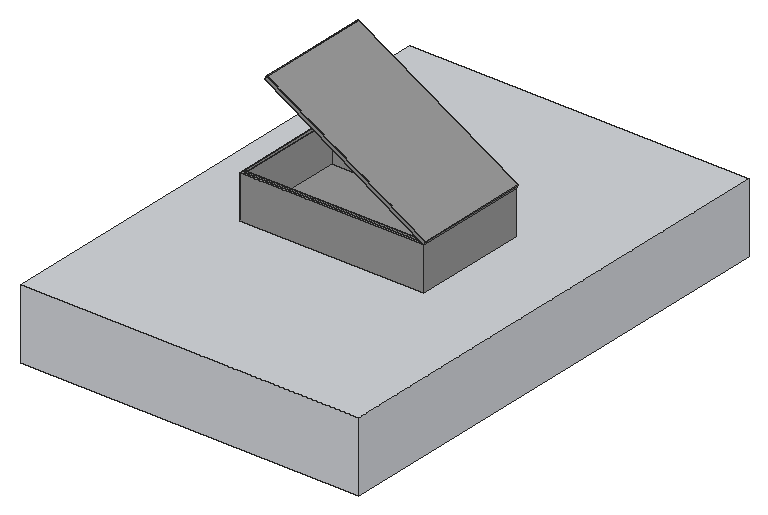
Revit family "Hager-Univers-IP54-D205-H500-Cl.II-Encl-CH-it", category Equipement électrique, Revit 2020
Family settings
  Hôte = Face
  Configuration du panneau = Deux colonnes, circuits au sein
  Cote de connecteur circulaire = Utiliser le diamètre
  Type d'élément = Tableau de raccordement
  Couper avec des vides une fois chargée = Non
  Partagée = Non
  Point de calcul de pièce = Non
Parameters (values of type "A parete IP54 L800 A500 P205  - FP33QSW")
  Width Control [instance] = if([EF000008 - Larghezza] > Min Width, [EF000008 - Larghezza], Min Width)  # 800 mm
  Commentaires du type = [HG000003 - Gamma]  # "Univers"
  Thickness Door [instance] = if([EF009171 - spessore materiale porta/coperchio] > 3 mm, 3 mm, [EF009171 - spessore materiale porta/coperchio])  # 1 mm
  Seal Frame Offset [instance] = 17 mm  # constant formula
  Plinth Visibility [instance] = [HG000027 - Altezza dello zoccolo] > 0 mm  # no
  Model = ""
  Min Width [instance] = 100 mm  # constant formula
  Min Height [instance] = 100 mm  # constant formula
  Min Depth [instance] = (2 * [EF009170 - spessore materiale scatola]) + 1 mm  # 3 mm
  Internal Frame Depth [instance] = (Door System Depth * 0.5)  # 9 mm
  Height Control [instance] = if([EF000040 - Altezza] > Min Height, [EF000040 - Altezza], Min Height)  # 500 mm
  HG000027 - Altezza dello zoccolo = 0 mm
  HG000026 - A pavimento = no
  HG000024 - Altezza della sezione inferiore = 800 mm
  HG000023 - Custodia a doppia sezione = no
  HG000016 - Visibilità delle porte nella vista 3D [instance] = yes
  HG000015 - Visibilità attraverso la porta [instance] = no
  HG000014 - Porta destra [instance] = yes
  HG000013 - Porta sinistra [instance] = not([HG000014 - Porta destra])  # no
  HG000012 - Angolo di apertura della porta [instance] = 30.00°
  HG000010 - Porte asimmetriche = no
  HG000009 - Porta doppia a battente = no
  HG000006 - Ad incasso = no
  HG000004 - Codice produttore = "FP33QSW"
  HG000003 - Gamma = "Univers"
  HG000002 - Con porta = yes
  Frame Offset Bottom [instance] = 10 mm  # constant formula
  Frame Offset [instance] = 15 mm  # constant formula
  EF015940 - Coprire con rilascio di sovrapressione = no
  EF011959 - tipo di protezione (NEMA) = ""
  EF009554 - numero delle aperture per la piastra della flangia = 6
  Fabricant = "Hager"  # constant formula
  EF009212 - esecuzione coperchio = "EV000116 - chiuso"
  EF009171 - spessore materiale porta/coperchio = 1 mm
  EF009170 - spessore materiale scatola = 1 mm
  EF008873 - corrente nominale (In) = 250 A
  EF007800 - adatto per parafulmine = no
  EF006306 - con serratura = no
  EF006244 - coperchio/porta trasparente = no
  EF005474 - grado di protezione (IP) = "EV006419 - IP54"
  EF004464 - tipo di porta = "EV002646 - singolo"
  EF004427 - numero di moduli = 108
  EF004293 - resistenza agli urti = "EV006815 - IK09"
  EF003532 - adatto per uso esterno = no
  EF002950 - Numero moduli DIN = 36
  EF001613 - Integrità del circuito = "EV000494 - senza"
  EF001596 - Attacco Lampada = "EV000179 - acciaio"
  EF001131 - profondità interna = 130 mm
  EF001088 - possibilità di applicazione = yes
  EF000437 - numero di ingressi per conduttori = 6
  EF000339 - tipo di copertura = "EV001012 - coperchio"
  EF000266 - numero di file = 3
  EF000218 - profondità di incasso = 0 mm
  EF000118 - con piastra di montaggio = no
  EF000116 - numero RAL = "9010"
  EF000049 - profondità = 205 mm
  EF000040 - Altezza = 500 mm
  EF000008 - Larghezza = 800 mm
  EF000007 - colore = "EV000202 - bianco"
  EF000003 - Tipo di montaggio = "EV000384 - A parete"
  Door System Leaf Tolerance [instance] = 1.5 mm  # constant formula
  Door System Depth [instance] = 18 mm  # constant formula
  Door Height [instance] = Height Control - [HG000027 - Altezza dello zoccolo]  # 500 mm
  Depth Control [instance] = if([EF000049 - profondità] > Min Depth, [EF000049 - profondità], Min Depth)  # 205 mm
  Default Elevation = 0 mm
  Connector Offset [instance] = Height Control / 2  # 250 mm
  Bottom Top Plate Trim [instance] = 1.5 mm  # constant formula
  Plinth height Ctrl [instance] = if([HG000027 - Altezza dello zoccolo] > 0 mm, [HG000027 - Altezza dello zoccolo], 12 mm)  # 12 mm
Types (3, lengths in mm): name | Width Control | HG000004 - Codice produttore | EF009554 - numero delle aperture per la piastra della flangia | EF004427 - numero di moduli | EF002950 - Numero moduli DIN | EF000437 - numero di ingressi per conduttori | EF000008 - Larghezza
  A parete IP54 L300 A500 P205  - FP31QSW | 300 | "FP31QSW" | 2 | 36 | 12 | 2 | 300
  A parete IP54 L550 A500 P205  - FP32QSW | 550 | "FP32QSW" | 4 | 72 | 24 | 4 | 550
  A parete IP54 L800 A500 P205  - FP33QSW | 800 | "FP33QSW" | 6 | 108 | 36 | 6 | 800
Reference planes
  plane 1 "Center (Front/Back)": y = 0
  plane 2: z = 0
  plane 3 "Center (Left/Right)": x = 0
  plane 4: z = 205
  plane 5: y = 1
  plane 6: y = 250
  plane 7: y = 0
  plane 8: y = 500
  plane 9: z = 0
  plane 10: x = -385
  plane 11: x = 385
  plane 12: x = 384
  plane 13: x = -384
  plane 14: y = 499
  plane 15: x = -383
  plane 16: x = -400
  plane 17: x = 383
  plane 18: x = 400
  plane 19: x = 399
  plane 20: x = -399
  plane 21: y = 11
  plane 22: y = 500
  plane 23: y = 484
  plane 24: z = 187
  plane 25: z = 1
  plane 26: z = 186
  plane 27: z = 204
Forms (mm)
  Extrusion 1, solid
    sketch origin (0, 0, 0) x (1, 0, 0) y (0, 1, 0)
      loop
        line (-702.964, 1305) -> (-702.964, -811.445) -> (766.763, -811.445) -> (766.763, 1305) -> (-702.964, 1305)
    from 0 to -304.8
  Extrusion 2, solid, material "Hager_Steel_RAL7035_Light_Grey", visible <- "Plinth Visibility", detail levels medium+fine
    sketch origin (0, 0, 0) x (1, 0, 0) y (0, 1, 0)
      loop
        line (-400, 0) -> (400, 0) -> (400, 12) -> (-400, 12) -> (-400, 0)
    from 0 to 187
  Extrusion 3, solid, material "Hager_Steel_RAL7035_Light_Grey", detail levels medium+fine
    sketch origin (0, 0, 0) x (1, 0, 0) y (0, 1, 0)
      loop
        line (-400, 0) -> (400, 0) -> (400, 500) -> (-400, 500) -> (-400, 0)
    from 0 to 187
  Extrusion 4, void
    sketch origin (0, 0, 0) x (1, 0, 0) y (0, 1, 0)
      loop
        line (-399, 1) -> (399, 1) -> (399, 499) -> (-399, 499) -> (-399, 1)
    from 1 to 186
  Extrusion 5, void
    sketch origin (-381.607, -4572, 187) x (0, -1, 0) y (-1, 0, 0)
      loop
        line (-4583, 2.393) -> (-5056, 2.393) -> (-5056, -765.607) -> (-4583, -765.607) -> (-4583, 2.393)
    from 0 to 1 <- "EF009170 - spessore materiale scatola"
  Extrusion 6, solid, material "Hager_Steel_RAL7035_Light_Grey", detail levels fine
    sketch origin (0, 0, 187) x (1, 0, 0) y (0, 1, 0)
      loop
        line (-384, 484) -> (-384, 11) -> (384, 11) -> (384, 484) -> (-384, 484)
      loop
        line (-385, 10) -> (385, 10) -> (385, 485) -> (-385, 485) -> (-385, 10)
    from 0 to 9 <- "Internal Frame Depth"
  Extrusion 7, solid, material "Hager_Steel_RAL7035_Light_Grey", detail levels coarse
    sketch origin (0, 0, 0) x (1, 0, 0) y (0, 1, 0)
      loop
        line (-400, 0) -> (400, 0) -> (400, 500) -> (-400, 500) -> (-400, 0)
    from 0 to 205
  Sweep 8, void
    path in 3D
      loop
        line (-400, 12, 0) -> (400, 12, 0) -> (400, 12, 187) -> (-400, 12, 187) -> (-400, 12, 0)
    profile origin (-400, 12, 93.5) x (-1, 0, 0) y (0, -1, 0)
      loop
        line (0, 0) -> (0, 1.5) -> (-1.5, 1.5)
        arc (-1.5, 1.5) -> (-1.061, 0.439) -> (0, 0) r 1.5
Cuts and joins
  Extrusion 4, Extrusion 5 cuts Extrusion 3
  Sweep 8 cuts Extrusion 2
Lines and regions (mm)
  Masking region 1
    outline origin (0, 0, 0) x (1, 0, 0) y (0, 0, 1)
      loop
        line (-400, 205) -> (-400, 0) -> (400, 0) -> (400, 205) -> (-400, 205)
  Masking region 2, detail levels medium+fine
    outline origin (0, 140, 0) x (0, 1, 0) y (0, 0, 1)
      loop
        line (-140, 0) -> (360, 0) -> (360, 187) -> (-140, 187) -> (-140, 0)
  Masking region 3, not visible, detail levels medium+fine
    outline origin (0, 297.922, 0) x (0, 1, 0) y (0, 0, 1)
      loop
        line (-36.422, 0) -> (3.578, 0) -> (3.578, 194)
        arc (3.578, 194) -> (0.649, 201.071) -> (-6.422, 204) r 10
        line (-6.422, 204) -> (-36.422, 204) -> (-36.422, 0)
  Masking region 4, detail levels coarse
    outline origin (0, 0, 180) x (0, 1, 0) y (0, 0, 1)
      loop
        line (0, -180) -> (500, -180) -> (500, 25) -> (0, 25) -> (0, -180)
  Masking region 5, visible <- "Plinth Visibility", detail levels medium+fine
    outline origin (0, 52.24, 12.345) x (0, 0, -1) y (0, 1, 0)
      loop
        line (10.845, -40.24) -> (-173.155, -40.24)
        arc (-173.155, -40.24) -> (-173.594, -41.301) -> (-174.655, -41.74) r 1.5
        line (-174.655, -41.74) -> (-174.655, -52.24) -> (12.345, -52.24) -> (12.345, -41.74)
        arc (12.345, -41.74) -> (11.285, -41.301) -> (10.845, -40.24) r 1.5
  Masking region 6, detail levels medium+fine
    outline origin (-381.607, -4572, 187) x (-1, 0, 0) y (0, -1, 0)
      loop
        line (18.393, -5072) -> (18.393, -4572) -> (-781.607, -4572) -> (-781.607, -5072) -> (18.393, -5072)
  Masking region 7, visible <- "Plinth Visibility", detail levels medium+fine
    outline origin (-381.607, -4727, 187) x (-1, 0, 0) y (0, -1, 0)
      loop
        arc (16.893, -4739) -> (17.332, -4737.939) -> (18.393, -4737.5) r 1.5
        line (18.393, -4737.5) -> (18.393, -4727) -> (-781.607, -4727) -> (-781.607, -4737.5)
        arc (-781.607, -4737.5) -> (-780.546, -4737.939) -> (-780.107, -4739) r 1.5
        line (-780.107, -4739) -> (16.893, -4739)
  Masking region 8, detail levels coarse
    outline origin (-442.548, -4669.526, 187) x (-1, 0, 0) y (0, -1, 0)
      loop
        line (-42.548, -5169.526) -> (-42.548, -4669.526) -> (-842.548, -4669.526) -> (-842.548, -5169.526) -> (-42.548, -5169.526)
  sketch lines
    curve 1: line (-400, 12, 187) -> (-400, 12, 0)
    curve 2: line (400, 12, 187) -> (-400, 12, 187)
    curve 3: line (400, 12, 187) -> (400, 12, 0)
    curve 4: line (-400, 12, 0) -> (400, 12, 0)
Dimensions and locks
  "Depth Control": plane 4 to Extrusion 1
  "HG000027 - Altezza dello zoccolo": plane 1 "Center (Front/Back)" to plane 7
  "EF009170 - spessore materiale scatola": plane 5 to plane 7
  locked: connector elem to plane 3 "Center (Left/Right)"
  equal spacing: plane 8, plane 6, plane 7
  locked: connector elem to plane 6
  "EF009170 - spessore materiale scatola": plane 8 to plane 14
  "EF009170 - spessore materiale scatola": plane 10 to plane 13
  "EF009170 - spessore materiale scatola": plane 12 to plane 11
  "Frame Offset": plane 20 to plane 13
  "Frame Offset": plane 12 to plane 19
  "EF009170 - spessore materiale scatola": plane 16 to plane 20
  "EF009170 - spessore materiale scatola": plane 19 to plane 18
  "Seal Frame Offset": plane 16 to plane 15
  "Seal Frame Offset": plane 17 to plane 18
  "Frame Offset Bottom": plane 21 to plane 5
  "Frame Offset": plane 14 to plane 23
  equal spacing: plane 16, plane 3 "Center (Left/Right)", plane 18
  "Width Control": plane 16 to plane 18
  "EF009170 - spessore materiale scatola": plane 4 to plane 27
  "EF009170 - spessore materiale scatola": plane 24 to plane 26
  "EF009170 - spessore materiale scatola": plane 25 to level
  "Door System Depth": plane 4 to plane 24
  "Height Control": plane 1 "Center (Front/Back)" to Extrusion 7 sketch curve
  "Height Control": Masking region 4 sketch curve to plane 1 "Center (Front/Back)"
  "Height Control": plane 1 "Center (Front/Back)" to plane 22
  "Bottom Top Plate Trim": profile plane to Sweep 8 sketch curve
  "Bottom Top Plate Trim": Sweep 8 sketch curve to profile plane
  "Plinth height Ctrl": plane 1 "Center (Front/Back)" to Extrusion 2 sketch curve
  "Plinth height Ctrl": Masking region 5 sketch curve to plane 1 "Center (Front/Back)"
  "Plinth height Ctrl": plane 1 "Center (Front/Back)" to Masking region 7 sketch curve
  "Thickness Door": Extrusion 6 sketch curve to Extrusion 6 sketch curve  (x3)
  "Thickness Door": cut or joined group of Extrusion 3, Extrusion 4, Extrusion 5 to Extrusion 6 sketch curve
  radius of Masking region 3 sketch curve = 10 mm
  "Bottom Top Plate Trim": radius of Masking region 5 sketch curve  (x2)
  "Bottom Top Plate Trim": radius of Sweep 8 sketch curve
  "Bottom Top Plate Trim": radius of Masking region 7 sketch curve  (x2)
  aligned and locked: plane 2 to Extrusion 1
  aligned and locked: level to Extrusion 1
  aligned and locked: level to Masking region 1 sketch curve
  aligned and locked: Masking region 1 sketch curve to plane 18
  aligned and locked: Masking region 1 sketch curve to plane 16
  aligned and locked: plane 7 to Masking region 2 sketch curve
  aligned and locked: level to Masking region 3 sketch curve
  aligned and locked: Masking region 3 sketch curve to plane 27
  aligned and locked: level to Masking region 2 sketch curve
  aligned and locked: plane 1 "Center (Front/Back)" to Extrusion 2 sketch curve
  aligned and locked: Extrusion 3 sketch curve to plane 7
  aligned and locked: plane 16 to Extrusion 3 sketch curve
  aligned and locked: plane 18 to Extrusion 3 sketch curve
  aligned and locked: plane 20 to Extrusion 4 sketch curve
  aligned and locked: plane 19 to Extrusion 4 sketch curve
  aligned and locked: Extrusion 4 sketch curve to plane 5
  aligned and locked: Extrusion 4 to plane 25
  aligned and locked: plane 26 to Extrusion 4
  aligned and locked: plane 24 to Extrusion 3
  aligned and locked: Extrusion 5 sketch curve to plane 21
  aligned and locked: Extrusion 5 sketch curve to plane 13
  aligned and locked: Extrusion 5 sketch curve to plane 12
  aligned and locked: plane 18 to Extrusion 7 sketch curve
  aligned and locked: plane 1 "Center (Front/Back)" to Extrusion 7 sketch curve
  aligned and locked: plane 16 to Extrusion 7 sketch curve
  aligned and locked: plane 4 to Extrusion 7
  aligned and locked: Extrusion 7 to level
  aligned and locked: level to Masking region 4 sketch curve
  aligned and locked: Masking region 4 sketch curve to plane 1 "Center (Front/Back)"
  aligned and locked: Masking region 4 sketch curve to plane 4
  aligned and locked: nested 1 to level
  aligned and locked: nested 1 to plane 16
  aligned and locked: plane 8 to Extrusion 3 sketch curve
  aligned and locked: plane 23 to Extrusion 5 sketch curve
  aligned and locked: plane 14 to Extrusion 4 sketch curve
  aligned and locked: Masking region 2 sketch curve to plane 8
  aligned and locked: level to Masking region 5 sketch curve
  aligned and locked: plane 16 to Extrusion 2 sketch curve
  aligned and locked: plane 18 to Extrusion 2 sketch curve
  aligned and locked: Masking region 5 sketch curve to plane 24
  aligned and locked: Masking region 2 sketch curve to plane 24
  aligned and locked: plane 24 to Extrusion 2
  aligned and locked: profile plane to Sweep 8 sketch curve  (x2)
  aligned and locked: Masking region 6 sketch curve to plane 18
  aligned and locked: Masking region 6 sketch curve to plane 22
  aligned and locked: Masking region 6 sketch curve to plane 16
  aligned and locked: plane 8 to plane 22
  aligned and locked: Masking region 6 sketch curve to plane 7
  aligned and locked: Masking region 7 sketch curve to plane 16
  aligned and locked: Masking region 7 sketch curve to plane 1 "Center (Front/Back)"
  aligned and locked: Masking region 7 sketch curve to plane 18
  aligned and locked: Masking region 8 sketch curve to plane 1 "Center (Front/Back)"
  aligned and locked: Masking region 8 sketch curve to plane 18
  aligned and locked: Masking region 8 sketch curve to plane 22
  aligned and locked: Masking region 8 sketch curve to plane 16
  aligned and locked: nested 2 to plane 7
  aligned and locked: plane 3 "Center (Left/Right)" to nested 2
  aligned and locked: nested 2 to plane 24
  aligned and locked: Extrusion 6 sketch curve to cut or joined group of Extrusion 3, Extrusion 4, Extrusion 5  (x4)
Automatic sketch dimensions
  Extrusion 1 sketch curve to Extrusion 1 sketch curve = 1469.727 mm
  Extrusion 1 sketch curve to Extrusion 1 sketch curve = 2116.445 mm
  Masking region 1 sketch curve to plane 4 = 0 mm
  plane 6 to Masking region 3 sketch curve = 11.5 mm
  Masking region 3 sketch curve to Masking region 3 sketch curve = 30 mm
  Masking region 5 sketch curve to plane 1 "Center (Front/Back)" = 0 mm
Nested families
  nested 1: "Hager_Enclosure_Symbol" at (-400, 0, 0) x (1, 0, 0) z (0, -1, 0), Height <- "Depth Control", Width <- "Width Control", type "Hager_Enclosure_Symbol"
    with Width_Ctrl 800 mm, Width 800 mm, Height_Ctrl 205 mm, Height 205 mm, A_Width_Int 13.453 mm, A_Width 161.438 mm, A_Height_Ctrl 179.375 mm, A_Height 179.375 mm
  nested 2: "EC000058_Univers_Door" at (0, 0, 187) x (1, 0, 0) z (0, 1, 0), Leaf_Tolerance <- "Door System Leaf Tolerance", Angle <- "HG000012 - Angolo di apertura della porta", Door_Depth <- "Door System Depth", Door_Left <- "HG000013 - Porta sinistra", Transparent <- "EF006244 - coperchio/porta trasparente", Assymetrical <- "HG000010 - Porte asimmetriche", Width <- "Width Control", Clearance <- "HG000015 - Visibilità attraverso la porta", Double <- "HG000009 - Porta doppia a battente", 3d_Door <- "HG000016 - Visibilità delle porte nella vista 3D", Lock_Visibility <- "EF006306 - con serratura", Width_Ctrl <- "Width Control", Door_Right <- "HG000014 - Porta destra", Door <- "HG000002 - Con porta", Height <- "Door Height", Thickness <- "Thickness Door", type "EC000058_Univers_Door", detail levels medium+fine
    with min_wh 3 mm, Width_Ctrl 800 mm, Width 800 mm, Transparent no, Thickness 1 mm, Seal_Material Hager_Rubber, Lock_Visibility no, Lock_Material Hager_Plastic_RAL9005_Jet_Black, Leaf_Width 800 mm, Leaf_Tolerance_External_Sides 0 mm, Leaf_Tolerance 1.5 mm, Leaf_Offset 0 mm, Leaf_Height 497 mm, Leaf_2_Width 800 mm, Leaf_2_Offset 400 mm, Leaf_1_Width 800 mm, Leaf_1_Offset 400 mm, Height_Ctrl 500 mm, Height 500 mm, Glass_Material Hager_Glass, Double_Clearance_Ctrl no, Double no, Door_Right_Ctrl yes, Door_Right yes, Door_Material Hager_Steel_RAL7035_Light_Grey, Door_Left_Ctrl no, Door_Left no, Door_Depth 18 mm, Door yes, Clearance_Material Hager_Clearance, Clearance_Depth 800 mm, Clearance_Ctrl no, Clearance no, Assymetrical no, Angle 30.00°, 3d_Door yes
Connectors
  electrical at (0, 250, 0)
    settings: on plane 9, index 1, voltage 0 V, apparent load 0 VA, apparent load phase1 0 VA, apparent load phase2 0 VA, apparent load phase3 0 VA, power factor 1, load classification "Other", number of poles 1, system type 30, power factor state 1, is connector primary yes, connector utility no, sub classification motor no, connector description ""
Definition of nested family "EC000058_Univers_Door"
  Parameters (values of type "EC000058_Univers_Door")
    min_wh [instance] = (2 * Thickness) + 1 mm  # 11 mm
    Width_Ctrl [instance] = 400 mm
    Width [instance] = 500 mm
    Transparent [instance] = yes
    Thickness [instance] = 5 mm
    Seal_Material [instance] = none
    Lock_Visibility [instance] = yes
    Lock_Material [instance] = none
    Leaf_Width [instance] = if((Width_Ctrl - 2 * Leaf_Tolerance_External_Sides) > 0 mm, (Width_Ctrl - 2 * Leaf_Tolerance_External_Sides), min_wh)  # 400 mm
    Leaf_Tolerance_External_Sides [instance] = 0 mm  # constant formula
    Leaf_Tolerance [instance] = 1.5 mm
    Leaf_Offset [instance] = 0 mm  # constant formula
    Leaf_Height [instance] = if((Height_Ctrl - 2 * Leaf_Tolerance) > 0 mm, (Height_Ctrl - 2 * Leaf_Tolerance), min_wh)  # 497 mm
    Leaf_2_Width [instance] = if(and(and(Double, Assymetrical), Door_Left), (Leaf_Width / 3) - (Leaf_Tolerance / 2), if(and(and(Double, Assymetrical), Door_Right), (Leaf_Width / 3) * 2 - (Leaf_Tolerance / 2), if(and(Double, not(Assymetrical)), (Leaf_Width / 2) - Leaf_Tolerance, Leaf_Width)))  # 400 mm
    Leaf_2_Offset [instance] = if(and(Double, Assymetrical), Leaf_2_Width / 2, if(and(Double, not(Assymetrical)), Leaf_Width / 4, Leaf_Width / 2))  # 200 mm
    Leaf_1_Width [instance] = if(and(and(Double, Assymetrical), Door_Right), (Leaf_Width / 3) - (Leaf_Tolerance / 2), if(and(and(Double, Assymetrical), Door_Left), (Width / 3) * 2 - (Leaf_Tolerance / 2), if(and(Double, not(Assymetrical)), (Leaf_Width / 2) - Leaf_Tolerance, Leaf_Width)))  # 400 mm
    Leaf_1_Offset [instance] = if(and(Double, Assymetrical), Leaf_1_Width / 2, if(and(Double, not(Assymetrical)), Leaf_Width / 4, Leaf_Width / 2))  # 200 mm
    Height_Ctrl [instance] = if(Height > min_wh, Height, min_wh)  # 500 mm
    Height [instance] = 500 mm
    Glass_Material [instance] = none
    Double_Clearance_Ctrl [instance] = and(Double, Clearance)  # no
    Double [instance] = no
    Door_Right_Ctrl [instance] = and(or(Door_Right, Double), Door)  # yes
    Door_Right [instance] = yes
    Door_Material [instance] = none
    Door_Left_Ctrl [instance] = and(or(Door_Left, Double), Door)  # no
    Door_Left [instance] = no
    Door_Depth [instance] = 30 mm
    Door [instance] = yes
    Default Elevation = 1219.2 mm
    Clearance_Material [instance] = none
    Clearance_Depth [instance] = if(Leaf_1_Width > Leaf_2_Width, Leaf_1_Width, Leaf_2_Width)  # 400 mm
    Clearance_Ctrl [instance] = and(not(Double), Clearance)  # yes
    Clearance [instance] = yes
    Assymetrical [instance] = yes
    Angle [instance] = 30.00°
    3d_Door [instance] = yes
  Reference planes
    plane 1 "Center (Front/Back)": y = 0
    plane 2 "Bottom": z = 0
    plane 3 "Center (Left/Right)": x = 0
    plane 4: z = 500
    plane 5: x = -200
    plane 6: x = 200
    plane 7: z = 500
    plane 8: x = -200
    plane 9: z = 0
    plane 10: x = 200
    plane 11: y = 0
    plane 12: z = 1.5
    plane 13: x = -600
    plane 14: y = -400
    plane 15: x = 600
    plane 16: x = 0
    plane 17: x = 0
    plane 18: x = -200
    plane 19: x = 200
    plane 20: z = 498.5
  Forms (mm)
    Extrusion 1, solid, material <- "Clearance_Material", visible <- "Double_Clearance_Ctrl"
      sketch origin (1200, 0, 0) x (1, 0, 0) y (0, 0, -1)
        loop
          line (-1800, -498.5) -> (-600, -498.5) -> (-600, 0) -> (-1800, 0) -> (-1800, -498.5)
      from 0 to -400
  Dimensions and locks
    equal spacing: plane 5, plane 3 "Center (Left/Right)", plane 6
    "Width_Ctrl": plane 5 to plane 6
    "Leaf_Offset": plane 5 to plane 8
    "Leaf_Offset": plane 6 to plane 10
    "Leaf_Offset": plane 9 to level
    "Leaf_Offset": plane 4 to plane 7
    "Height_Ctrl": plane 4 to level
    "Leaf_Tolerance": plane 12 to plane 9
    locked: plane 11 to plane 1 "Center (Front/Back)"
    "Leaf_1_Offset": plane 18 to plane 16
    "Leaf_2_Offset": plane 17 to plane 19
    "Leaf_1_Width": plane 13 to plane 8
    "Leaf_2_Width": plane 10 to plane 15
    "Clearance_Depth": plane 14 to plane 1 "Center (Front/Back)"
    "Leaf_Tolerance_External_Sides": plane 8 to plane 18
    "Leaf_Tolerance_External_Sides": plane 19 to plane 10
    "Leaf_Tolerance": plane 7 to plane 20
    aligned and locked: level to plane 2 "Bottom"
    aligned and locked: nested 1 to plane 16
    aligned and locked: nested 2 to plane 17
    aligned and locked: Extrusion 1 to plane 13
    aligned and locked: plane 15 to Extrusion 1
    aligned and locked: Extrusion 1 to plane 14
    aligned and locked: plane 12 to nested 1
    aligned and locked: nested 2 to plane 12
    aligned and locked: Extrusion 1 to plane 11
    aligned and locked: plane 20 to Extrusion 1
    aligned and locked: nested 2 to plane 11
    aligned and locked: nested 1 to plane 11
  Automatic sketch dimensions
    Extrusion 1 sketch curve to level = 0 mm
    plane 5 to Extrusion 1 sketch curve = 400 mm
    plane 6 to Extrusion 1 sketch curve = 400 mm
    Extrusion 1 sketch curve to plane 4 = 1.5 mm
  Nested families
    nested 1: "EC000058_Univers_Door_Leaf" at (0, 0, 1.5), Width <- "Leaf_1_Width", visible <- "Door_Left_Ctrl", Leaf_Height <- "Leaf_Height", Angle <- "Angle", 3d_Door <- "3d_Door", Transparent <- "Transparent", Clearance Material <- "Clearance_Material", Clearance <- "Clearance_Ctrl", Door_Material <- "Door_Material", Glass_Material <- "Glass_Material", Door_Depth <- "Door_Depth", Lock_Material <- "Lock_Material", Seal_Material <- "Seal_Material", Lock_Visibility <- "Lock_Visibility", Thickness <- "Thickness", type "EC000058_Univers_Door_Leaf"
      with Width 400 mm, Transparent_Glass_Offset 30 mm, Transparent_Ctrl yes, Transparent yes, Thickness 5 mm, Standard no, Seal_Material none, Seal_D2 8 mm, Seal_D1 1 mm, Offset_Internal_Frame 10 mm, Lock_Width 20 mm, Lock_Visibility_3d yes, Lock_Visibility yes, Lock_Thickness_3 3 mm, Lock_Thickness_2 1 mm, Lock_Thickness_1 3 mm, Lock_Radius_Offset_2 16 mm, Lock_Radius_Offset_1 15 mm, Lock_Radius_2 5 mm, Lock_Radius 6 mm, Lock_Offset 5 mm, Lock_Material none, Lock_Height 80 mm, Lock_Cover_Top_Offset_2d 17 mm, Lock_Cover_Height -65 mm, Leaf_Height 497 mm, Internal_Seal_Thickness 8 mm, Internal_Seal_Depth_2 4.5 mm, Internal_Frame_Depth 25 mm, Glass_Thickness -1 mm, Glass_Offset -2 mm, Glass_Material none, Door_Material none, Door_Depth 30 mm, Clearance Material none, Clearance yes, Angle_Ctrl 30.00°, Angle 30.00°, 3d_Door yes
    nested 2: "EC000058_Univers_Door_Leaf" at (0, 0, 1.5) x (-1, 0, 0) z (0, 0, 1), Width <- "Leaf_2_Width", visible <- "Door_Right_Ctrl", Leaf_Height <- "Leaf_Height", Angle <- "Angle", 3d_Door <- "3d_Door", Transparent <- "Transparent", Clearance Material <- "Clearance_Material", Clearance <- "Clearance_Ctrl", Door_Material <- "Door_Material", Glass_Material <- "Glass_Material", Door_Depth <- "Door_Depth", Lock_Material <- "Lock_Material", Seal_Material <- "Seal_Material", Lock_Visibility <- "Lock_Visibility", Thickness <- "Thickness", type "EC000058_Univers_Door_Leaf"
      with Width 400 mm, Transparent_Glass_Offset 30 mm, Transparent_Ctrl yes, Transparent yes, Thickness 5 mm, Standard no, Seal_Material none, Seal_D2 8 mm, Seal_D1 1 mm, Offset_Internal_Frame 10 mm, Lock_Width 20 mm, Lock_Visibility_3d yes, Lock_Visibility yes, Lock_Thickness_3 3 mm, Lock_Thickness_2 1 mm, Lock_Thickness_1 3 mm, Lock_Radius_Offset_2 16 mm, Lock_Radius_Offset_1 15 mm, Lock_Radius_2 5 mm, Lock_Radius 6 mm, Lock_Offset 5 mm, Lock_Material none, Lock_Height 80 mm, Lock_Cover_Top_Offset_2d 17 mm, Lock_Cover_Height -65 mm, Leaf_Height 497 mm, Internal_Seal_Thickness 8 mm, Internal_Seal_Depth_2 4.5 mm, Internal_Frame_Depth 25 mm, Glass_Thickness -1 mm, Glass_Offset -2 mm, Glass_Material none, Door_Material none, Door_Depth 30 mm, Clearance Material none, Clearance yes, Angle_Ctrl 30.00°, Angle 30.00°, 3d_Door yes
  Definition of nested family "EC000058_Univers_Door_Leaf"
    Parameters (values of type "EC000058_Univers_Door_Leaf")
      Width [instance] = 2000 mm
      Transparent_Glass_Offset [instance] = 30 mm
      Transparent_Ctrl [instance] = and(Transparent, [3d_Door])  # yes
      Transparent [instance] = yes
      Thickness [instance] = 5 mm
      Standard [instance] = and(not(Transparent), [3d_Door])  # no
      Seal_Material [instance] = none
      Seal_D2 [instance] = 8 mm  # constant formula
      Seal_D1 [instance] = 1 mm  # constant formula
      Offset_Internal_Frame [instance] = 10 mm  # constant formula
      Lock_Width [instance] = 20 mm  # constant formula
      Lock_Visibility_3d [instance] = and(Lock_Visibility, [3d_Door])  # yes
      Lock_Visibility [instance] = yes
      Lock_Thickness_3 [instance] = 3 mm  # constant formula
      Lock_Thickness_2 [instance] = 1 mm  # constant formula
      Lock_Thickness_1 [instance] = 3 mm  # constant formula
      Lock_Radius_Offset_2 [instance] = Lock_Radius_Offset_1 + 1 mm  # 16 mm
      Lock_Radius_Offset_1 [instance] = 15 mm  # constant formula
      Lock_Radius_2 [instance] = Lock_Radius - 1 mm  # 5 mm
      Lock_Radius [instance] = 6 mm  # constant formula
      Lock_Offset [instance] = 5 mm  # constant formula
      Lock_Material [instance] = none
      Lock_Height [instance] = 80 mm  # constant formula
      Lock_Cover_Top_Offset_2d [instance] = Lock_Radius_Offset_2 + 1 mm  # 17 mm
      Lock_Cover_Height [instance] = -(Lock_Height - Lock_Radius_Offset_1)  # -65 mm
      Leaf_Height [instance] = 2720.336 mm
      Internal_Seal_Thickness [instance] = 8 mm  # constant formula
      Internal_Seal_Depth_2 [instance] = 4.5 mm  # constant formula
      Internal_Frame_Depth [instance] = if(Door_Depth - Thickness > 5 mm, Door_Depth - Thickness, 5 mm)  # 25 mm
      Glass_Thickness [instance] = if(Thickness > 15 mm, Glass_Offset + 10 mm, -1 mm)  # -1 mm
      Glass_Offset [instance] = if(Thickness > 15 mm, -(Thickness + 10 mm) / 2, -2 mm)  # -2 mm
      Glass_Material [instance] = none
      Door_Material [instance] = none
      Door_Depth [instance] = 30 mm
      Default Elevation = 0 mm
      Clearance Material [instance] = none
      Clearance [instance] = yes
      Angle_Ctrl [instance] = if(Angle > 180.00°, 180.00°, Angle)  # 90.00°
      Angle [instance] = 90.00°
      3d_Door [instance] = yes
    Reference planes
      plane 1 "Center (Front/Back)": y = 0
      plane 2: z = 0
      plane 3 "Center (Left/Right)": x = 0
      plane 4: y = 2000
      plane 5: x = -1000
      plane 6: x = 1000
      plane 7: x = -3000
      plane 8: z = 2720.336
      plane 9: z = 30
      plane 10: z = 2690.336
      plane 11: x = 970
      plane 12: x = -970
      plane 13: y = -3
      plane 14: z = 107.833
      plane 15: y = -5
      plane 16: y = -223.314
      plane 17: x = -1000
      plane 18: z = 1360.168
      plane 19: y = 30
    Forms (mm)
      Extrusion 1, solid, material <- "Clearance Material", visible <- "Clearance"
        sketch origin (0, 0, 0) x (1, 0, 0) y (0, 0, 1)
          loop
            line (-3000, 2720.336) -> (-3000, 0) -> (1000, 0) -> (1000, 2720.336) -> (-3000, 2720.336)
        from 0 to -2000
      Extrusion 2, solid, material <- "Door_Material", visible <- "Standard", detail levels medium+fine
        sketch origin (-1000, 0, 0) x (0, 1, 0) y (-1, 0, 0)
          loop
            line (0, 30) -> (0, 25) -> (2000, 25) -> (2000, 30) -> (0, 30)
        from 0 to 2720.336 <- "Leaf_Height"
      Extrusion 3, solid, material <- "Door_Material", visible <- "Transparent_Ctrl", detail levels medium+fine
        sketch origin (-1000, 0, 0) x (0, 1, 0) y (-1, 0, 0)
          loop
            line (0, 25) -> (2000, 25) -> (2000, 30) -> (0, 30) -> (0, 25)
        from 0 to 2720.336 <- "Leaf_Height"
      Extrusion 4, void
        sketch origin (-1025, 2000, 0) x (0, 1, 0) y (0, 0, -1)
          loop
            line (-30, -2690.336) -> (-30, -30) -> (-1970, -30) -> (-1970, -2690.336) -> (-30, -2690.336)
        from 0 to 5 <- "Thickness"
      Sweep 5, solid, material <- "Seal_Material", visible <- "Transparent_Ctrl", detail levels fine
        path in 3D
          loop
            line (-1025, 30, 30) -> (-1025, 30, 2690.336) -> (-1025, 1970, 2690.336) -> (-1025, 1970, 30) -> (-1025, 30, 30)
        profile origin (-1025, 1000, 30) x (1, 0, 0) y (0, 0, 1)
          loop
            line (0, 0) -> (0, -8) -> (1, -8) -> (1, 0) -> (0, 0)
      Extrusion 6, solid, material <- "Glass_Material", visible <- "Transparent_Ctrl", detail levels medium+fine
        sketch origin (-1030, 0, 0) x (0, 1, 0) y (0, 0, -1)
          loop
            line (1970, -2690.336) -> (1970, -30) -> (30, -30) -> (30, -2690.336) -> (1970, -2690.336)
        from -2 <- "Glass_Offset" to -1 <- "Glass_Thickness"
      Extrusion 7, solid, material <- "Door_Material", visible <- "3d_Door", detail levels medium+fine
        sketch origin (-1025, 2000, 0) x (0, -1, 0) y (0, 0, -1)
          loop
            line (0, -2720.336) -> (2000, -2720.336) -> (2000, 0) -> (0, 0) -> (0, -2720.336)
          loop
            line (1995, -5) -> (5, -5) -> (5, -2715.336) -> (1995, -2715.336) -> (1995, -5)
        from 0 to 25 <- "Internal_Frame_Depth"
      Sweep 8, solid, material <- "Seal_Material", visible <- "Transparent_Ctrl", detail levels fine
        path in 3D
          loop
            line (-1025, 0, 0) -> (-1025, 2000, 0) -> (-1025, 2000, 2720.336) -> (-1025, 0, 2720.336) -> (-1025, 0, 0)
        profile origin (-1025, 0, 1360.168) x (1, 0, 0) y (0, 1, 0)
          loop
            line (0, 10) -> (2.975, 10)
            arc (2.975, 10) -> (4.053, 10.447) -> (4.5, 11.525) r 1.525
            line (4.5, 11.525) -> (4.5, 16.527)
            arc (4.5, 16.527) -> (4.069, 17.569) -> (3.027, 18) r 1.473
            line (3.027, 18) -> (0, 18) -> (0, 10)
      Extrusion 9, solid, material <- "Lock_Material", visible <- "Lock_Visibility_3d", detail levels fine
        sketch origin (-1030, 0, 0) x (0, 1, 0) y (0, 0, -1)
          loop
            arc (1993.5, -1400.168) -> (1994.561, -1399.729) -> (1995, -1398.668) r 1.5
            line (1995, -1398.668) -> (1995, -1320.168) -> (1975, -1320.168) -> (1975, -1398.668)
            arc (1975, -1398.668) -> (1975.439, -1399.729) -> (1976.5, -1400.168) r 1.5
            line (1976.5, -1400.168) -> (1993.5, -1400.168)
        from 3 <- "Lock_Thickness_1" to 0
      Blend 10, solid, material <- "Lock_Material", visible <- "Lock_Visibility_3d", detail levels fine
        base sketch origin (-1033, 0, 0) x (0, 1, 0) y (0, 0, -1)
          loop
            line (1975, -1320.168) -> (1975, -1398.668)
            arc (1975, -1398.668) -> (1975.439, -1399.729) -> (1976.5, -1400.168) r 1.5
            line (1976.5, -1400.168) -> (1993.5, -1400.168)
            arc (1993.5, -1400.168) -> (1994.561, -1399.729) -> (1995, -1398.668) r 1.5
            line (1995, -1398.668) -> (1995, -1320.168) -> (1975, -1320.168)
        top sketch origin (-1033, 0, 0) x (0, 1, 0) y (0, 0, -1)
          loop
            line (1976, -1320.168) -> (1976, -1398.668)
            arc (1976, -1398.668) -> (1976.146, -1399.022) -> (1976.5, -1399.168) r 0.5
            line (1976.5, -1399.168) -> (1993.5, -1399.168)
            arc (1993.5, -1399.168) -> (1993.854, -1399.022) -> (1994, -1398.668) r 0.5
            line (1994, -1398.668) -> (1994, -1320.168) -> (1976, -1320.168)
        from 0 to 1 <- "Lock_Thickness_2"
      Blend 11, solid, material <- "Lock_Material", visible <- "Lock_Visibility_3d", detail levels fine
        base sketch origin (-1034, 0, 0) x (0, 1, 0) y (0, 0, -1)
          loop
            line (1978, -1320.168) -> (1978, -1384.168)
            arc (1978, -1384.168) -> (1985, -1391.168) -> (1992, -1384.168) r 7
            line (1992, -1384.168) -> (1992, -1320.168) -> (1978, -1320.168)
        top sketch origin (-1034, 0, 0) x (0, 1, 0) y (0, 0, -1)
          loop
            line (1991, -1320.168) -> (1979, -1320.168) -> (1979, -1383.168)
            arc (1979, -1383.168) -> (1985, -1389.168) -> (1991, -1383.168) r 6
            line (1991, -1383.168) -> (1991, -1320.168)
        from 0 to 3 <- "Lock_Thickness_3"
      Extrusion 12, solid, material <- "Lock_Material", visible <- "Lock_Visibility_3d", detail levels fine
        sketch origin (-1030, 1975, 1320.168) x (1, 0, 0) y (0, -1, 0)
          loop
            line (-7, -19) -> (-7, -1) -> (0, -1) -> (0, 0) -> (-8, 0) -> (-8, -20) -> (0, -20) -> (0, -19) -> (-7, -19)
        from 0 to -65 <- "Lock_Cover_Height"
      Extrusion 13, void
        sketch origin (-1038, 1995, 1320.168) x (-1, 0, 0) y (0, 0, -1)
          loop
            line (-5, -65) -> (0, -65) -> (-5, -60) -> (-5, -65)
        from 0 to 20 <- "Lock_Width"
      Extrusion 14, void
        sketch origin (-1038, 1975, 1320.168) x (0, -1, 0) y (0, 0, -1)
          loop
            circle (-10, -15.995) r 6
          loop
            circle (-10, -15.995) r 5
        from 0 to 2
      Extrusion 15, solid, material <- "Lock_Material", visible <- "Lock_Visibility_3d", detail levels medium
        sketch origin (-1030, 0, 0) x (0, 1, 0) y (0, 0, -1)
          loop
            arc (1993.5, -1400.168) -> (1994.561, -1399.729) -> (1995, -1398.668) r 1.5
            line (1995, -1398.668) -> (1995, -1320.168) -> (1975, -1320.168) -> (1975, -1398.668)
            arc (1975, -1398.668) -> (1975.439, -1399.729) -> (1976.5, -1400.168) r 1.5
            line (1976.5, -1400.168) -> (1993.5, -1400.168)
        from 8 to 0
    Cuts and joins
      Extrusion 4 cuts Extrusion 3
      Extrusion 13, Extrusion 14 cuts Extrusion 9
      Extrusion 14 cuts Blend 11
      Extrusion 13, Extrusion 14 cuts Extrusion 12
      joined: Extrusion 9, Blend 10, Blend 11, Extrusion 12
      Extrusion 14 cuts Extrusion 15
    Lines and regions (mm)
      Masking region 1, visible <- "Lock_Visibility", detail levels fine
        outline origin (0, 0, 0) x (0, 1, 0) y (0, 0, 1)
          loop
            line (30, 1320.168) -> (33, 1320.168) -> (33, 1400.168) -> (30, 1400.168) -> (30, 1320.168)
      Masking region 2, visible <- "Lock_Visibility", detail levels fine
        outline origin (0, 3.143, 0) x (0, 1, 0) y (0, 0, 1)
          loop
            line (29.857, 1354.168) -> (30.857, 1354.168) -> (30.857, 1366.168) -> (29.857, 1366.168) -> (29.857, 1354.168)
      Masking region 3, detail levels medium+fine
        outline origin (0, 0, 0) x (0, 1, 0) y (0, 0, 1)
          loop
            line (0, 0) -> (30, 0) -> (30, 2720.336) -> (0, 2720.336) -> (0, 0)
      Masking region 4, detail levels medium+fine
        outline origin (0, 0, 0) x (1, 0, 0) y (0, 0, 1)
          loop
            line (-1000, 2720.336) -> (-1000, 0) -> (1000, 0) -> (1000, 2720.336) -> (-1000, 2720.336)
      Masking region 5, visible <- "Lock_Visibility", detail levels fine
        outline origin (-47.116, 0, 0) x (1, 0, 0) y (0, 0, 1)
          loop
            arc (1024.616, 1399.168) -> (1023.556, 1398.729) -> (1023.116, 1397.668) r 1.5
            line (1023.116, 1397.668) -> (1023.116, 1320.168) -> (1041.116, 1320.168) -> (1041.116, 1397.668)
            arc (1041.116, 1397.668) -> (1040.677, 1398.729) -> (1039.616, 1399.168) r 1.5
            line (1039.616, 1399.168) -> (1024.616, 1399.168)
      Masking region 6, visible <- "Lock_Visibility", detail levels medium+fine
        outline origin (-25, 0, 0) x (1, 0, 0) y (0, 0, 1)
          loop
            arc (1001.5, 1400.168) -> (1000.439, 1399.729) -> (1000, 1398.668) r 1.5
            line (1000, 1398.668) -> (1000, 1320.168) -> (1020, 1320.168) -> (1020, 1398.668)
            arc (1020, 1398.668) -> (1019.561, 1399.729) -> (1018.5, 1400.168) r 1.5
            line (1018.5, 1400.168) -> (1001.5, 1400.168)
      Masking region 7, visible <- "Lock_Visibility", detail levels fine
        outline origin (-73.735, 0, 0) x (1, 0, 0) y (0, 0, 1)
          loop
            line (1051.735, 1382.168) -> (1065.735, 1382.168) -> (1065.735, 1384.168)
            arc (1065.735, 1384.168) -> (1058.735, 1391.168) -> (1051.735, 1384.168) r 7
            line (1051.735, 1384.168) -> (1051.735, 1382.168)
      Masking region 8, visible <- "Lock_Visibility", detail levels fine
        outline origin (-73.735, 0, 0) x (1, 0, 0) y (0, 0, 1)
          loop
            line (1052.735, 1382.168) -> (1064.735, 1382.168) -> (1064.735, 1383.168)
            arc (1064.735, 1383.168) -> (1058.735, 1389.168) -> (1052.735, 1383.168) r 6
            line (1052.735, 1383.168) -> (1052.735, 1382.168)
      Masking region 9, visible <- "Lock_Visibility", detail levels fine
        outline origin (-25, 0, 0) x (1, 0, 0) y (0, 0, 1)
          loop
            line (1020, 1320.168) -> (1020, 1382.168) -> (1000, 1382.168) -> (1000, 1320.168) -> (1020, 1320.168)
      Masking region 10, detail levels medium+fine
        outline origin (0, 0, 0) x (1, 0, 0) y (0, 0, 1)
          loop
            circle (985, 1335.144) r 6
      Masking region 11, detail levels fine
        outline origin (0, 0, 0) x (1, 0, 0) y (0, 0, 1)
          loop
            circle (985, 1335.144) r 5
      Masking region 12, visible <- "Lock_Visibility", detail levels fine
        outline origin (0, 12.767, 0) x (0, 1, 0) y (0, 0, 1)
          loop
            line (20.233, 1320.168) -> (21.233, 1320.168) -> (21.233, 1399.168) -> (20.233, 1400.168) -> (20.233, 1320.168)
      Masking region 13, visible <- "Lock_Visibility", detail levels fine
        outline origin (0, 13.767, -10) x (0, 1, 0) y (0, 0, 1)
          loop
            line (20.233, 1330.168) -> (23.233, 1330.168) -> (23.233, 1399.168) -> (20.233, 1402.168) -> (20.233, 1330.168)
      Masking region 14, visible <- "Lock_Visibility", detail levels fine
        outline origin (0, 12.767, -10) x (0, 1, 0) y (0, 0, 1)
          loop
            line (20.233, 1330.168) -> (25.233, 1330.168) -> (25.233, 1399.305) -> (20.233, 1394.305) -> (20.233, 1330.168)
      Masking region 15, visible <- "Lock_Visibility", detail levels medium
        outline origin (0, 0, 0) x (0, 1, 0) y (0, 0, 1)
          loop
            line (30, 1320.168) -> (38, 1320.168) -> (38, 1400.168) -> (30, 1400.168) -> (30, 1320.168)
      Masking region 16, visible <- "Lock_Visibility", detail levels fine
        outline origin (-1000, 0, 0) x (0, 1, 0) y (-1, 0, 0)
          loop
            line (1975, 30) -> (1995, 30) -> (1995, 38) -> (1975, 38) -> (1975, 30)
          loop
            line (1979, 37) -> (1976, 37) -> (1976, 34) -> (1978, 34) -> (1979, 37)
          loop
            line (1994, 37) -> (1991, 37) -> (1992, 34) -> (1994, 34) -> (1994, 37)
      Masking region 17, visible <- "Lock_Visibility", detail levels medium
        outline origin (-1000, 0, 0) x (0, 1, 0) y (-1, 0, 0)
          loop
            line (1975, 30) -> (1995, 30) -> (1995, 38) -> (1975, 38) -> (1975, 30)
      symbolic lines
        curve 1: line (1000, 0, 0) -> (-3000, 0, 0)
        curve 2: arc (1000, 0, 0) -> (-1000, 2000, 0) -> (-3000, 0, 0) r 2000
        curve 4: line (-1030, 0, 0) -> (-1030, 2000, 0)
      reference lines
        curve 3: line (-1000, 0, 0) -> (-1000, 2000, 0)
      symbolic lines, detail levels medium+fine
        curve 5: line (-1030, 2000, 0) -> (-1025, 2000, 0)
        curve 7: line (-1025, 0, 0) -> (-1030, 0, 0)
        curve 8: line (-1025, 0, 0) -> (-1000, 0, 0)
        curve 9: line (-1000, 0, 0) -> (-1000, 2000, 0)
        curve 10: line (-1000, 2000, 0) -> (-1025, 2000, 0)
      symbolic lines, detail levels fine
        curve 6: line (-1025, 2000, 0) -> (-1025, 0, 0)
      sketch lines
        curve 11: line (-1025, 0, 2720.336) -> (-1025, 0, 0)
        curve 12: line (-1025, 2000, 0) -> (-1025, 0, 0)
        curve 13: line (-1025, 2000, 2720.336) -> (-1025, 2000, 0)
        curve 14: line (-1025, 0, 2720.336) -> (-1025, 2000, 2720.336)
        curve 15: line (-1025, 1970, 30) -> (-1025, 30, 30)
        curve 16: line (-1025, 30, 30) -> (-1025, 30, 2690.336)
        curve 17: line (-1025, 1970, 2690.336) -> (-1025, 1970, 30)
        curve 18: line (-1025, 30, 2690.336) -> (-1025, 1970, 2690.336)
      symbolic lines, visible <- "Transparent", detail levels medium+fine
        curve 19: line (-970, 0, 2690.336) -> (970, 0, 2690.336)
        curve 20: line (-970, 0, 30) -> (-970, 0, 2690.336)
        curve 21: line (970, 0, 30) -> (-970, 0, 30)
        curve 22: line (970, 0, 2690.336) -> (970, 0, 30)
    Dimensions and locks
      "Width": plane 1 "Center (Front/Back)" to plane 4
      equal spacing: plane 5, plane 3 "Center (Left/Right)", plane 6
      "Width": plane 5 to plane 6
      "Width": plane 7 to plane 5
      "Leaf_Height": plane 8 to level
      "Width": curve 5 to curve 3
      "Width": curve 3 to curve 3
      plane 8 to plane 10 = 30 mm
      plane 9 to level = 30 mm
      plane 12 to plane 5 = 30 mm
      plane 6 to plane 11 = 30 mm
      Extrusion 1 to Extrusion 4 sketch curve = 30 mm
      "Transparent_Glass_Offset": curve 3 to Extrusion 4 sketch curve
      "Transparent_Glass_Offset": Extrusion 4 sketch curve to cut or joined group of Extrusion 3, Extrusion 4  (x2)
      cut or joined group of Extrusion 3, Extrusion 4 to Extrusion 6 sketch curve = 30 mm
      "Transparent_Glass_Offset": cut or joined group of Extrusion 3, Extrusion 4 to Extrusion 4 sketch curve
      "Thickness": curve 6 to curve 4
      "Thickness": Extrusion 7 sketch curve to Extrusion 7 sketch curve  (x4)
      "Door_Depth": curve 4 to curve 3
      "Offset_Internal_Frame": profile plane to Sweep 8 sketch curve
      "Internal_Seal_Thickness": Sweep 8 sketch curve to Sweep 8 sketch curve
      "Internal_Seal_Depth_2": profile plane to Sweep 8 sketch curve
      "Seal_D1": profile plane to Sweep 5 sketch curve
      "Seal_D2": profile plane to Sweep 5 sketch curve
      "Thickness": Extrusion 2 sketch curve to Extrusion 2 sketch curve
      equal spacing: Extrusion 9 sketch curve, plane 18, Extrusion 9 sketch curve  (x2)
      equal spacing: Masking region 1 sketch curve, plane 18, Masking region 1 sketch curve
      "Lock_Height": Masking region 1 sketch curve to Masking region 1 sketch curve
      "Lock_Radius": Masking region 2 sketch curve to plane 18 to Masking region 2 sketch curve
      Masking region 2 sketch curve to Masking region 1 = 1 mm
      "Door_Depth": plane 19 to plane 1 "Center (Front/Back)"
      "Lock_Thickness_1": Masking region 1 sketch curve to plane 19
      "Lock_Width": Extrusion 9 sketch curve to Extrusion 9 sketch curve
      "Lock_Height": Extrusion 9 sketch curve to Extrusion 9 sketch curve
      "Lock_Offset": cut or joined group of Extrusion 3, Extrusion 4 to Extrusion 9 sketch curve
      equal spacing: plane 8, plane 18, level
      "Lock_Radius_Offset_1": Blend 11 sketch curve to Blend 10
      locked: Blend 10 to Blend 11 sketch curve at 2  (x2)
      locked: var sketch to Blend 11 sketch curve at 1  (x2)
      "Lock_Radius_Offset_2": Blend 11 sketch curve to Blend 10
      locked: Extrusion 12 sketch curve to Extrusion 12 sketch curve at 1  (x3)
      Masking region 6 sketch curve to Masking region 6 sketch curve = 80 mm
      "Lock_Height": Masking region 6 sketch curve to Masking region 6 sketch curve
      "Lock_Width": Masking region 6 sketch curve to Masking region 6 sketch curve
      locked: Masking region 6 to Masking region 5 sketch curve at 1  (x3)
      locked: Masking region 5 to Masking region 7 sketch curve at 2  (x2)
      "Lock_Radius_Offset_1": Masking region 5 to Masking region 7 sketch curve
      "Lock_Radius_Offset_2": Masking region 5 to Masking region 8 sketch curve
      locked: Masking region 7 to Masking region 8 sketch curve at 1  (x2)
      "Lock_Cover_Top_Offset_2d": Masking region 5 to Masking region 9 sketch curve
      equal spacing: Masking region 9, Masking region 10 sketch curve, Masking region 9
      equal spacing: Masking region 9, Masking region 11 sketch curve, Masking region 9
      Extrusion 15 sketch curve to Extrusion 15 sketch curve = 80 mm
      "Lock_Width": Extrusion 15 sketch curve to Extrusion 15 sketch curve
      "Lock_Height": Extrusion 15 sketch curve to Extrusion 15 sketch curve
      equal spacing: Extrusion 15 sketch curve, plane 18, Extrusion 15 sketch curve
      "Lock_Thickness_3": Masking region 13 sketch curve to Masking region 13 sketch curve
      "Lock_Height": Masking region 12 sketch curve to Masking region 12 sketch curve
      locked: Masking region 13 sketch curve to Masking region 1 at 8
      locked: Masking region 14 sketch curve to Masking region 13 at 1
      locked: Masking region 14 sketch curve to Masking region 1 at 10.863
      "Lock_Height": Masking region 15 sketch curve to Masking region 15 sketch curve
      "Lock_Offset": Extrusion 15 sketch curve to cut or joined group of Extrusion 3, Extrusion 4
      "Lock_Offset": plane 6 to Masking region 6 sketch curve
      radius of Sweep 8 sketch curve = 1.525 mm
      radius of Sweep 8 sketch curve = 1.473 mm
      radius of Extrusion 9 sketch curve = 1.5 mm  (x2)
      "Lock_Radius": radius of Extrusion 14 sketch curve
      "Lock_Radius_2": radius of Extrusion 14 sketch curve
      "Lock_Radius": radius of Masking region 10 sketch curve
      "Lock_Radius_2": radius of Masking region 11 sketch curve
      radius of Extrusion 15 sketch curve = 1.5 mm  (x2)
      "Angle_Ctrl": angle plane 1 "Center (Front/Back)" to curve 3
      locked: Masking region 12 sketch curve to Masking region 12 sketch curve (angle 45.00°)
      locked: Masking region 13 sketch curve to Masking region 13 sketch curve (angle 45.00°)
      locked: Masking region 14 sketch curve to Masking region 14 sketch curve (angle 45.00°)
      aligned and locked: level to plane 2
      aligned and locked: Extrusion 1 to curve 1
      aligned and locked: plane 6 to Extrusion 1
      aligned and locked: Extrusion 1 to plane 1 "Center (Front/Back)"
      aligned and locked: plane 4 to Extrusion 1
      aligned and locked: plane 8 to Extrusion 1
      aligned and locked: curve 7 to Extrusion 2 sketch curve
      aligned and locked: curve 5 to Extrusion 2 sketch curve
      aligned and locked: curve 7 to Extrusion 3 sketch curve
      aligned and locked: Extrusion 3 sketch curve to curve 4
      aligned and locked: Extrusion 3 sketch curve to curve 6
      aligned and locked: Extrusion 3 sketch curve to curve 5
      aligned and locked: curve 9 to curve 3
      aligned and locked: Extrusion 7 sketch curve to cut or joined group of Extrusion 3, Extrusion 4  (x4)
      aligned and locked: plane 17 to curve 3
      aligned and locked: plane 1 "Center (Front/Back)" to curve 3
      aligned and locked: plane 17 to plane 5
      aligned and locked: Sweep 8 sketch curve to profile plane
      aligned and locked: Sweep 5 sketch curve to profile plane  (x2)
      aligned and locked: Masking region 1 to Masking region 2 sketch curve
      aligned and locked: plane 19 to Masking region 1 sketch curve
      aligned and locked: plane 1 "Center (Front/Back)" to Masking region 3 sketch curve
      aligned and locked: plane 19 to Masking region 3 sketch curve
      aligned and locked: level to Masking region 3 sketch curve
      aligned and locked: Masking region 3 sketch curve to plane 8
      aligned and locked: plane 17 to Masking region 4 sketch curve
      aligned and locked: level to Masking region 4 sketch curve
      aligned and locked: Masking region 4 sketch curve to plane 8
      aligned and locked: plane 12 to curve 20
      aligned and locked: plane 10 to curve 19
      aligned and locked: plane 11 to curve 22
      aligned and locked: curve 21 to plane 9
      aligned and locked: Extrusion 2 sketch curve to cut or joined group of Extrusion 3, Extrusion 4
      aligned and locked: Blend 10 sketch curve to Extrusion 9  (x4)
      aligned and locked: Extrusion 9 to Blend 10 sketch curve
      aligned and locked: Blend 10 to Blend 11 sketch curve
      aligned and locked: Extrusion 12 sketch curve to Blend 11
      aligned and locked: Extrusion 12 sketch curve to Extrusion 9  (x4)
      aligned and locked: Masking region 5 sketch curve to Masking region 6
      aligned and locked: Masking region 9 sketch curve to Masking region 6  (x3)
      aligned and locked: Masking region 12 sketch curve to Masking region 1
      aligned and locked: Masking region 13 sketch curve to Masking region 1
      aligned and locked: Masking region 12 to Masking region 14
      aligned and locked: Masking region 14 sketch curve to Masking region 1
      aligned and locked: Masking region 15 sketch curve to Masking region 14
      aligned and locked: Masking region 13 sketch curve to Masking region 12
      aligned and locked: Masking region 16 sketch curve to cut or joined group of Extrusion 14, Extrusion 15  (x4)
      aligned and locked: Masking region 16 sketch curve to cut or joined group of Extrusion 9, Blend 10, Blend 11, Extrusion 12, Extrusion 13, Extrusion 14  (x6)
      aligned and locked: cut or joined group of Extrusion 9, Blend 10, Blend 11, Extrusion 12, Extrusion 13, Extrusion 14 to Masking region 16 sketch curve
      aligned and locked: Masking region 17 sketch curve to cut or joined group of Extrusion 14, Extrusion 15  (x3)
      aligned and locked: Masking region 17 sketch curve to cut or joined group of Extrusion 9, Blend 10, Blend 11, Extrusion 12, Extrusion 13, Extrusion 14
      aligned and locked: Masking region 9 to Masking region 8 sketch curve
      aligned and locked: Masking region 9 to Masking region 7 sketch curve
    Automatic sketch dimensions
      plane 1 "Center (Front/Back)" to curve 2 = 0 mm
      curve 2 to plane 5 = 0 mm
      Extrusion 1 sketch curve to level = 0 mm
      Extrusion 1 sketch curve to plane 7 = 0 mm
      Extrusion 1 sketch curve to plane 6 = 0 mm
      Extrusion 1 sketch curve to plane 8 = 0 mm
      Extrusion 3 to Extrusion 6 sketch curve = 30 mm  (x4)
      Masking region 4 sketch curve to plane 6 = 0 mm
      Blend 10 sketch curve to Extrusion 9 = 1.5 mm
      Blend 10 sketch curve to Extrusion 9 = 1 mm
      Extrusion 13 sketch curve to Extrusion 12 = 0 mm  (x2)
      Extrusion 12 to Extrusion 13 sketch curve = 3 mm
      Extrusion 13 sketch curve to Extrusion 12 = 5 mm
      Extrusion 14 sketch curve to Extrusion 14 sketch curve = 0 mm  (x2)
      Extrusion 14 sketch curve to Extrusion 12 = 10 mm
      Extrusion 14 sketch curve to Extrusion 12 = 15.995 mm
      Masking region 5 sketch curve to Masking region 5 sketch curve = 1.5 mm  (x2)
      Masking region 10 sketch curve to plane 18 = 25.024 mm
      Masking region 11 sketch curve to plane 18 = 25.024 mm
      plane 19 to Masking region 14 sketch curve = 3 mm
      Masking region 16 sketch curve to Masking region 16 sketch curve = 3 mm
      curve 4 to curve 3 = 0 mm
      Blend 10 to Blend 11 sketch curve = 0 mm
      Masking region 6 sketch curve to Masking region 6 sketch curve = 1.5 mm  (x2)
      Masking region 6 sketch curve to plane 18 = 40 mm
      plane 19 to Masking region 12 sketch curve = 3 mm
      Masking region 12 sketch curve to Masking region 12 sketch curve = 1 mm
      Masking region 15 sketch curve to plane 19 = 0 mm
      Masking region 15 sketch curve to plane 18 = 40 mm
      radius of Blend 10 sketch curve to Extrusion 9 = 1 mm
Definition of nested family "Hager_Enclosure_Symbol"
  Parameters (values of type "Hager_Enclosure_Symbol")
    Width_Ctrl [instance] = if(Width > 1 mm, Width, 1 mm)  # 102.27 mm
    Width [instance] = 102.27 mm
    Height_Ctrl [instance] = if(Height > 1 mm, Height, 1 mm)  # 66.5 mm
    A_Width_Int [instance] = if(A_Width / 12 > 2 mm, A_Width / 12, 2 mm)  # 4.364 mm
    A_Width [instance] = if(A_Height_Ctrl * 0.9 > 2 mm, A_Height_Ctrl * 0.9, 2 mm)  # 52.369 mm
    A_Height_Ctrl [instance] = if(A_Height > 2 mm, A_Height, 2 mm)  # 58.188 mm
    Height [instance] = 66.5 mm
    A_Height [instance] = Height - (Height / 8)  # 58.188 mm
  Reference planes
    plane 1 "Centre (avant/arrière)": y = 0
    plane 2: z = 0
    plane 3 "Centre (gauche/droite)": x = 0
    plane 4: x = 52.369
    plane 5: y = 33.042
    plane 6: y = 41.77
    plane 7: y = 66.5
    plane 8: x = 26.184
    plane 9: y = 37.406
    plane 10: x = 102.27
    plane 11: y = 66.5
    plane 12: y = 8.313
  Lines and regions (mm)
    Filled region 1, type "Solid_Black", in view "Niveau de réf."
      outline origin (0, 0, 0) x (1, 0, 0) y (0, 1, 0)
        loop
          line (52.369, 66.5) -> (33.188, 54.536) -> (45.365, 45.006) -> (52.369, 66.5)
    Filled region 2, type "Solid_Black", in view "Niveau de réf."
      outline origin (0, 0, 0) x (1, 0, 0) y (0, 1, 0)
        loop
          line (0, 0) -> (102.27, 0) -> (102.27, 66.5) -> (0, 0)
    detail lines, in view "Niveau de réf."
      curve 1: line (0, 8.313, 0) -> (26.184, 41.77, 0)
      curve 2: line (26.184, 41.77, 0) -> (26.184, 33.042, 0)
      curve 3: line (26.184, 33.042, 0) -> (52.369, 66.5, 0)
  Dimensions and locks
    "A_Width": plane 3 "Centre (gauche/droite)" to plane 4
    equal spacing: plane 3 "Centre (gauche/droite)", plane 8, plane 4
    equal spacing: plane 6, plane 9, plane 5
    equal spacing: curve 3, Filled region 1 sketch curve, Filled region 1 sketch curve
    "Height_Ctrl": plane 1 "Centre (avant/arrière)" to plane 11
    "A_Height_Ctrl": plane 11 to plane 12
    equal spacing: plane 11, plane 9, plane 12
    "A_Width_Int": plane 6 to plane 9
    "Width_Ctrl": plane 3 "Centre (gauche/droite)" to plane 10
    angle Filled region 1 sketch curve to curve 3 = 20.00°
    angle curve 3 to Filled region 1 sketch curve = 20.00°
    locked: curve 3 to Filled region 1 sketch curve (angle 90.00°)
    aligned and locked: plane 10 to Filled region 2
    aligned and locked: plane 11 to Filled region 2 sketch curve
    aligned and locked: plane 10 to Filled region 2 sketch curve
    aligned and locked: plane 3 "Centre (gauche/droite)" to curve 1
    aligned and locked: plane 12 to curve 1
    aligned and locked: plane 7 to plane 11
  Automatic sketch dimensions
    Filled region 1 sketch curve to plane 4 = 0 mm
    Filled region 1 sketch curve to plane 7 = 0 mm
    plane 1 "Centre (avant/arrière)" to Filled region 2 sketch curve = 0 mm
    Filled region 2 sketch curve to plane 3 "Centre (gauche/droite)" = 0 mm
    curve 2 to plane 6 = 0 mm
    curve 2 to plane 8 = 0 mm
    curve 3 to plane 4 = 0 mm
    curve 2 to plane 5 = 0 mm
    curve 3 to plane 7 = 0 mm
